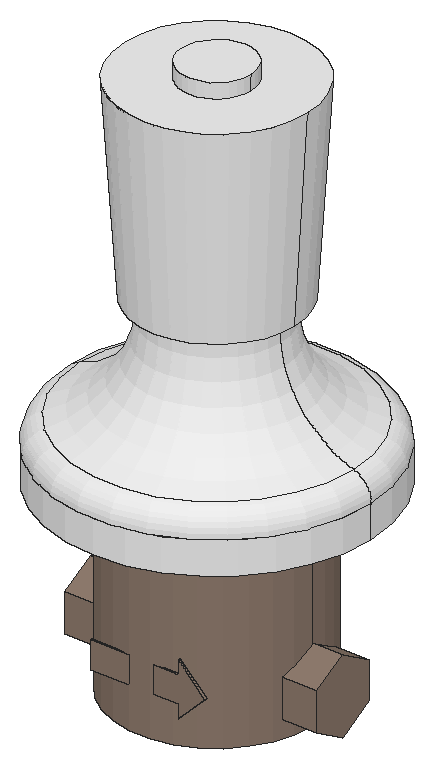
Revit family "Deca_Acabamento para Registro de Pressão Prata_4900.C50.PQ", category Plumbing Fixtures, host Face, Revit 2012
Parameters (values of type "4900.C50.GD_Cromado CR10_1"")
  WFU = 0
  Vendido Separadamente = ""
  Variações de COR = "Cromado 1/2, 3/4 e 1 (4900.C50.PQ).Base Fácil PVC 20mm (4416.102.PVC); Base Fácil PVC 25mm (4416.202.PVC); Base Fácil PPR 20mm (4416.102.PPR); Base Fácil PPR 25mm (4416.202.PPR); Base Fácil CPVC 15mm (4416.102.CPVC); Base Fácil CPVC 22mm (4416.202.CPVC); Base Fácil CPVC 28mm (4416.302.CPVC)."  # constant formula
  URL = "www.deca.com.br/produtos"
  Symbol [instance] = yes
  Segmento = "Competitivo"  # constant formula
  Raio Ponto de Agua = 12.5 mm
  Produto = "Acabamento para Registro de Pressão Prata"  # constant formula
  Pressão = "2 A 40 mca"  # constant formula
  Peso Liquido (Kg) = 0.2  # constant formula
  Norma = "ABNT NBR 10283: 2003"  # constant formula
  Model = Código  # "4900.C50.PQ"
  Material = "Deca_Latão Cromado e Plástico de Engenharia"  # constant formula
  Manufacturer = "Deca"  # constant formula
  Louça/Metais = "Metal"  # constant formula
  Linha = "Prata"  # constant formula
  Informações Complementares = " Mecanismo: 3 1/2 voltas"  # constant formula
  HWFU = 0
  Flow Pressure = 0.00 psi
  Diâmetro Ponto de Agua = Raio Ponto de Agua * 2  # 25 mm
  Description = "Acabamento para Registro"  # constant formula
  Default Elevation = 0 mm
  Código = "4900.C50.PQ"
  Criado por = "Contino/quattroD"  # constant formula
  Consumo = "Varia com a pressão"  # constant formula
  CWFU = 0
  Base de Registro [instance] = yes
  Base Registro de Gaveta [instance] = yes
  Atendimento ao Cliente = "0800-0117073"  # constant formula
  Assembly Code = "D2020"
  Aprovado por = "Contino/quattroD"  # constant formula
  Acompanha o Produto = "Mecanismo: 3 1/2 voltas"  # constant formula
  Acabamento de Registro [instance] = yes
  Acabamento = Deca CR10 Cromado Metal
Types (10, lengths in mm): name | Symbol | Raio Ponto de Agua | Model | Diâmetro Ponto de Agua | Código
  4900.C50.GD_Cromado CR10_3/4"" | no | 10 | "4416.202.PVC" | 20 | "4416.202.PVC"
  4900.C50.GD_Cromado CR10_1/2"" | yes | 7.5 | "4900.C50.PQ" | 15 | "4900.C50.PQ"
  4900.C50.GD_Cromado CR10_1" | yes | 12.5 | "4900.C50.PQ" | 25 | "4900.C50.PQ"
  Base Fácil PVC 20mm (4416.102.PVC) | yes | 10 | "4416.102.PVC" | 20 | "4416.102.PVC"
  Base Fácil PVC 25mm (4416.202.PVC) | no | 12.5 | "4416.202.PVC" | 25 | "4416.202.PVC"
  Base Fácil PPR 20mm (4416.102.PPR) | yes | 10 | "4416.102.PPR" | 20 | "4416.102.PPR"
  Base Fácil PPR 25mm (4416.202.PPR) | yes | 12.5 | "4416.202.PPR" | 25 | "4416.202.PPR"
  Base Fácil CPVC 15mm (4416.102.CPVC) | yes | 7.5 | "4416.102.CPVC" | 15 | "4416.102.CPVC"
  Base Fácil CPVC 22mm (4416.202.CPVC) | yes | 11 | "4416.202.CPVC" | 22 | "4416.202.CPVC"
  Base Fácil CPVC 28mm (4416.302.CPVC) | yes | 14 | "4416.302.CPVC" | 28 | "4416.302.CPVC"
Reference planes
  plane 1 "Center (Front/Back)": y = 0
  plane 2: z = 0
  plane 3 "Center (Left/Right)": x = 0
  plane 4 "Top 1": z = 87.715
  plane 5 "Left 1": x = -36
  plane 6 "Right 1": x = 36
  plane 7 "Back 1": y = 36.047
  plane 8 "Front 1": y = -36
Forms (mm)
  Blend 1, solid, material "Deca CR10 Cromado Metal" <- "Acabamento", visible <- "Acabamento de Registro"
    base sketch origin (0, 0, 0) x (1, 0, 0) y (0, 1, 0)
      loop
        circle (0, 0) r 18.283
    top sketch origin (0, 0, 0) x (1, 0, 0) y (0, 1, 0)
      loop
        circle (0, 0) r 21.323
    from 38.606 to 84.289
  Extrusion 2, solid, material "Deca CR10 Cromado Metal" <- "Acabamento", visible <- "Acabamento de Registro"
    sketch origin (0, 0, 0) x (1, 0, 0) y (0, 1, 0)
      loop
        circle (0, 0) r 8.05
    from 84.289 to 87.715
  Revolve 3, solid, material "Deca CR10 Cromado Metal" <- "Acabamento", visible <- "Acabamento de Registro"
    sketch origin (100, 0, 0) x (1, 0, 0) y (0, 0, 1)
      loop
        line (-136, 7.563) -> (-136, 0) -> (-100, 0) -> (-100, 38.606) -> (-115, 38.606)
        arc (-115, 38.606) -> (-119.021, 22.944) -> (-132.036, 13.349) r 24.099
        arc (-132.036, 13.349) -> (-135.036, 11.154) -> (-136, 7.563) r 5.598
      axis (-100, 38.606) -> (-100, 0)
    angle from 0 to 360
Lines and regions (mm)
  Masking region 1, visible <- "Acabamento de Registro"
    outline origin (-207.296, 0, -79.723) x (1, 0, 0) y (0, 0, 1)
      loop
        line (171.375, 79.723) -> (243.375, 79.723) -> (243.375, 87.713)
      loop
        arc (171.279, 87.713) -> (172.383, 91.051) -> (175.26, 93.072) r 5.598
        arc (175.26, 93.072) -> (188.275, 102.667) -> (192.296, 118.329) r 24.099
        line (192.296, 118.329) -> (189.005, 118.329)
        arc (189.005, 118.329) -> (188.603, 118.496) -> (188.436, 118.898) r 0.569
        line (188.436, 118.898) -> (185.954, 160.351)
        arc (185.954, 160.351) -> (186.3, 161.595) -> (187.335, 162.365) r 1.988
        line (187.335, 162.365) -> (199.246, 164.038) -> (202.713, 166.04) -> (202.713, 167.374)
        arc (202.713, 167.374) -> (207.344, 167.438) -> (211.975, 167.371) r 164.213
        line (211.975, 167.371) -> (211.975, 166.033) -> (215.346, 164.038) -> (227.256, 162.365)
        arc (227.256, 162.365) -> (228.292, 161.595) -> (228.637, 160.351) r 1.988
        line (228.637, 160.351) -> (226.155, 118.898)
        arc (226.155, 118.898) -> (225.989, 118.496) -> (225.586, 118.329) r 0.569
        line (225.586, 118.329) -> (222.296, 118.329)
        arc (222.296, 118.329) -> (226.316, 102.667) -> (239.332, 93.072) r 24.099
        arc (239.332, 93.072) -> (242.208, 91.051) -> (243.312, 87.713) r 5.598
      loop
        line (171.217, 87.713) -> (171.217, 79.723)
  Masking region 2, visible <- "Acabamento de Registro"
    outline origin (-324.154, 0, 0) x (1, 0, 0) y (0, 1, 0)
      loop
        circle (324.154, 0) r 35.997
  Masking region 3, visible <- "Acabamento de Registro"
    outline origin (0, 189.101, 0) x (0, 1, 0) y (0, 0, 1)
      loop
        line (-225.101, 0) -> (-153.101, 0) -> (-153.101, 7.99)
      loop
        arc (-225.196, 7.99) -> (-224.093, 11.328) -> (-221.216, 13.349) r 5.598
        arc (-221.216, 13.349) -> (-208.201, 22.944) -> (-204.18, 38.606) r 24.099
        line (-204.18, 38.606) -> (-207.411, 38.606)
        arc (-207.411, 38.606) -> (-207.834, 38.713) -> (-208.035, 39.1) r 0.534
        line (-208.035, 39.1) -> (-210.521, 80.628)
        arc (-210.521, 80.628) -> (-210.176, 81.872) -> (-209.14, 82.642) r 1.988
        line (-209.14, 82.642) -> (-197.23, 84.315) -> (-193.813, 86.269) -> (-193.813, 87.649)
        arc (-193.813, 87.649) -> (-189.189, 87.715) -> (-184.565, 87.65) r 164.213
        line (-184.565, 87.65) -> (-184.565, 86.269) -> (-181.148, 84.315) -> (-169.621, 82.695)
        arc (-169.621, 82.695) -> (-168.397, 82.011) -> (-167.909, 80.702) r 1.991
        line (-167.909, 80.702) -> (-170.4, 39.104)
        arc (-170.4, 39.104) -> (-170.559, 38.756) -> (-170.911, 38.606) r 0.53
        line (-170.911, 38.606) -> (-174.18, 38.606)
        arc (-174.18, 38.606) -> (-170.16, 22.944) -> (-157.144, 13.349) r 24.099
        arc (-157.144, 13.349) -> (-154.268, 11.328) -> (-153.164, 7.99) r 5.598
      loop
        line (-225.259, 7.99) -> (-225.259, 0)
  symbolic lines, visible <- "Acabamento de Registro"
    curve 1: arc (-19.59, 0, 82.611) -> (-17.148, 0, 82.851) -> (-14.696, 0, 82.771) r 18.872
    curve 2: arc (-13.335, 0, 80.593) -> (-14.225, 0, 65.193) -> (-16.025, 0, 49.872) r 260.316
    curve 3: arc (-16.025, 0, 49.872) -> (-16.781, 0, 49.116) -> (-17.537, 0, 49.872) r 0.756
    curve 4: arc (-17.537, 0, 49.872) -> (-19.585, 0, 65.221) -> (-21.012, 0, 80.64) r 383.634
    curve 5: arc (-21.012, 0, 80.64) -> (-20.659, 0, 81.884) -> (-19.59, 0, 82.611) r 1.893
    curve 6: arc (-7.69, 0, 80.593) -> (-7.32, 0, 82.032) -> (-5.983, 0, 82.681) r 1.769
    curve 7: arc (-5.983, 0, 82.681) -> (0.065, 0, 82.872) -> (6.114, 0, 82.681) r 96.06
    curve 8: arc (6.114, 0, 82.681) -> (7.375, 0, 82.016) -> (7.715, 0, 80.632) r 1.739
    curve 9: arc (7.715, 0, 80.632) -> (5.497, 0, 64.932) -> (1.759, 0, 49.523) r 162.395
    curve 10: arc (1.759, 0, 49.523) -> (-0.051, 0, 48.891) -> (-1.833, 0, 49.599) r 2.745
    curve 11: arc (-1.833, 0, 49.599) -> (-5.318, 0, 64.991) -> (-7.69, 0, 80.593) r 220.077
    curve 12: arc (13.463, 0, 81.615) -> (14.069, 0, 67.384) -> (15.51, 0, 53.214) r 242.497
    curve 13: arc (15.51, 0, 53.214) -> (15.837, 0, 51.202) -> (16.287, 0, 49.214) r 33.262
    curve 14: arc (16.287, 0, 49.214) -> (16.775, 0, 48.837) -> (17.262, 0, 49.214) r 0.503
    curve 15: arc (17.262, 0, 49.214) -> (18.792, 0, 56.565) -> (19.608, 0, 64.029) r 78.079
    curve 16: arc (19.608, 0, 64.029) -> (20.349, 0, 72.336) -> (21.062, 0, 80.646) r 2536.021
    curve 17: arc (21.062, 0, 80.646) -> (20.611, 0, 82.026) -> (19.307, 0, 82.664) r 1.865
    curve 18: arc (19.307, 0, 82.664) -> (16.897, 0, 82.743) -> (14.485, 0, 82.712) r 52.643
    curve 19: line (6.114, 0, 82.681) -> (14.485, 0, 82.712)
    curve 20: line (7.715, 0, 80.632) -> (13.478, 0, 80.632)
    curve 21: line (-14.696, 0, 82.771) -> (-6.367, 0, 82.632)
    curve 22: line (-7.69, 0, 80.593) -> (-13.335, 0, 80.593)
    curve 23: line (-8.05, 0, 84.32) -> (8.05, 0, 84.32)
    curve 25: line (-32.477, 0, 13.221) -> (32.477, 0, 13.221)
    curve 26: line (-36, 0, 7.563) -> (36, 0, 7.563)
    curve 27: arc (13.463, 0, 81.615) -> (13.758, 0, 82.364) -> (14.485, 0, 82.712) r 1.1
    curve 28: arc (-13.335, 0, 80.593) -> (-13.686, 0, 81.888) -> (-14.696, 0, 82.771) r 2.32
    curve 29: arc (3.195, 21.082, 0) -> (9.639, 16.695, 0) -> (16.661, 13.307, 0) r 52.655
    curve 30: arc (16.661, 13.307, 0) -> (18.468, 10.658, 0) -> (19.907, 7.793, 0) r 24.102
    curve 31: arc (19.907, 7.793, 0) -> (19.248, 0.06, 0) -> (19.907, -7.672, 0) r 45.644
    curve 32: arc (19.907, -7.672, 0) -> (18.361, -10.824, 0) -> (16.404, -13.739, 0) r 25.991
    curve 33: arc (16.404, -13.739, 0) -> (9.431, -16.785, 0) -> (3.153, -21.084, 0) r 40.405
    curve 34: arc (3.153, -21.084, 0) -> (0.003, -21.323, 0) -> (-3.148, -21.092, 0) r 21.253
    curve 35: arc (16.661, 13.307, 0) -> (9.14, 15.831, 0) -> (3.195, 21.082, 0) r 19.976
    curve 36: arc (19.907, 7.793, 0) -> (18.314, 0.06, 0) -> (19.907, -7.672, 0) r 19.558
    curve 37: arc (16.404, -13.739, 0) -> (8.988, -15.985, 0) -> (3.153, -21.084, 0) r 18.409
    curve 38: arc (19.172, -5.669, 0) -> (17.206, -10.09, 0) -> (14.383, -14.019, 0) r 23.665
    curve 39: arc (19.152, 5.725, 0) -> (17.304, 10.067, 0) -> (14.338, 13.737, 0) r 17.078
    curve 40: arc (-3.195, 21.082, 0) -> (-9.639, 16.695, 0) -> (-16.661, 13.307, 0) r 52.655
    curve 41: arc (-16.661, 13.307, 0) -> (-18.468, 10.658, 0) -> (-19.907, 7.793, 0) r 24.102
    curve 42: arc (-19.907, 7.793, 0) -> (-19.248, 0.06, 0) -> (-19.907, -7.672, 0) r 45.644
    curve 43: arc (-19.907, -7.672, 0) -> (-18.361, -10.824, 0) -> (-16.404, -13.739, 0) r 25.991
    curve 44: arc (-16.404, -13.739, 0) -> (-9.428, -16.787, 0) -> (-3.148, -21.089, 0) r 40.405
    curve 45: arc (-16.661, 13.307, 0) -> (-9.14, 15.831, 0) -> (-3.195, 21.082, 0) r 19.976
    curve 46: arc (-19.907, 7.793, 0) -> (-18.314, 0.06, 0) -> (-19.907, -7.672, 0) r 19.558
    curve 47: arc (-16.404, -13.739, 0) -> (-8.984, -15.988, 0) -> (-3.148, -21.092, 0) r 18.409
    curve 48: arc (-19.172, -5.669, 0) -> (-17.206, -10.09, 0) -> (-14.383, -14.019, 0) r 23.665
    curve 49: arc (-19.152, 5.725, 0) -> (-17.304, 10.067, 0) -> (-14.338, 13.737, 0) r 17.078
    curve 50: arc (-3.195, 21.082, 0) -> (0, 21.323, 0) -> (3.195, 21.082, 0) r 21.313
    curve 51: arc (4.648, 19.37, 0) -> (0, 19.947, 0) -> (-4.648, 19.37, 0) r 19.003
    curve 52: arc (-3.148, -21.089, 0) -> (0.024, -21.323, 0) -> (3.195, -21.082, 0) r 21.313
    curve 53: arc (4.588, -19.385, 0) -> (0, -19.947, 0) -> (-4.588, -19.385, 0) r 19.003
    curve 54: circle (0, 0, 0) r 8.05 normal (0, 0, 1)
    curve 55: circle (0.003, 0, 0) r 32.387 normal (0, 0, 1)
    curve 56: line (0, 36, 7.563) -> (0, -36, 7.563)
    curve 57: arc (0, -20.908, 80.703) -> (0, -20.545, 81.624) -> (0, -19.7, 82.142) r 1.56
    curve 58: arc (0, -19.7, 82.142) -> (0, -16.811, 82.47) -> (0, -13.922, 82.142) r 12.874
    curve 59: arc (0, -13.922, 82.142) -> (0, -13.545, 81.494) -> (0, -13.547, 80.745) r 1.431
    curve 60: arc (0, -13.547, 80.745) -> (0, -14.222, 67.105) -> (0, -15.452, 53.504) r 334.784
    curve 61: arc (0, -15.452, 53.504) -> (0, -15.821, 51.22) -> (0, -16.413, 48.984) r 23.419
    curve 62: arc (0, -16.413, 48.984) -> (0, -16.824, 48.683) -> (0, -17.236, 48.984) r 0.432
    curve 63: arc (0, -17.236, 48.984) -> (0, -18.1, 52.328) -> (0, -18.589, 55.747) r 31.187
    curve 64: arc (0, -18.589, 55.747) -> (0, -20.031, 68.198) -> (0, -20.908, 80.703) r 277.029
    curve 65: arc (0, -7.391, 80.554) -> (0, -7.033, 81.657) -> (0, -5.974, 82.128) r 1.426
    curve 66: arc (0, -5.974, 82.128) -> (0, -0.081, 82.352) -> (0, 5.811, 82.123) r 76.509
    curve 67: arc (0, 5.811, 82.123) -> (0, 6.899, 81.754) -> (0, 7.361, 80.702) r 1.426
    curve 68: arc (0, 13.468, 80.702) -> (0, 13.48, 81.529) -> (0, 13.98, 82.188) r 1.325
    curve 69: arc (0, 13.98, 82.188) -> (0, 16.895, 82.443) -> (0, 19.811, 82.188) r 16.83
    curve 70: arc (0, 19.811, 82.188) -> (0, 20.632, 81.659) -> (0, 20.827, 80.702) r 1.258
    curve 71: arc (0, 20.827, 80.702) -> (0, 19.896, 67.525) -> (0, 18.524, 54.387) r 394.442
    curve 72: arc (0, 18.524, 54.387) -> (0, 18.07, 51.923) -> (0, 17.315, 49.535) r 20.28
    curve 73: arc (0, 17.315, 49.535) -> (0, 16.693, 49.109) -> (0, 16.071, 49.535) r 0.666
    curve 74: arc (0, 16.071, 49.535) -> (0, 15.583, 51.235) -> (0, 15.399, 52.995) r 10.067
    curve 75: arc (0, 15.399, 52.995) -> (0, 14.231, 66.834) -> (0, 13.468, 80.702) r 474.736
    curve 76: line (0, -4.712, 86.269) -> (0, 4.536, 86.269)
    curve 77: line (0, -13.922, 82.142) -> (0, -5.964, 82.142)
    curve 78: line (0, -7.399, 80.547) -> (0, -13.553, 80.547)
    curve 79: line (0, 5.811, 82.123) -> (0, 13.942, 82.123)
    curve 80: line (0, 13.468, 80.702) -> (0, 7.361, 80.702)
    curve 81: arc (0, -7.399, 80.547) -> (0, -6.021, 70.039) -> (0, -4.292, 59.582) r 315.961
    curve 82: arc (0, -4.292, 59.582) -> (0, -3.04, 54.438) -> (0, -1.201, 49.474) r 45.658
    curve 83: arc (0, -1.201, 49.474) -> (0, -0.001, 48.689) -> (0, 1.2, 49.474) r 1.311
    curve 84: arc (0, 1.2, 49.474) -> (0, 3.308, 55.395) -> (0, 4.563, 61.553) r 44.549
    curve 85: arc (0, 4.563, 61.553) -> (0, 5.899, 71.139) -> (0, 7.393, 80.702) r 589.247
    curve 86: line (0, -15.079, 38.606) -> (0, 14.921, 38.606)
    curve 87: line (0, -36.095, 7.99) -> (0, 35.937, 7.99)
    curve 88: line (0, -32.115, 13.349) -> (0, 31.957, 13.349)
    curve 89: line (0, -8.129, 84.315) -> (0, 7.953, 84.315)
    curve 90: line (-4.583, 0, 86.317) -> (4.699, 0, 86.317)
  symbolic lines
    curve 24: line (-15, 0, 38.606) -> (15, 0, 38.606)
Dimensions and locks
  plane 5 "Left 1" to plane 6 "Right 1" = 72 mm  (x2)
  plane 4 "Top 1" to host face = 87.715 mm
  host face to plane 4 "Top 1" = 87.715 mm
  plane 8 "Front 1" to plane 7 "Back 1" = 72.047 mm  (x2)
  aligned and locked: host face to plane 2
  aligned and locked: level to host face
Nested families
  nested 1: "Deca_Base de Registro de Pressão_4900.C50.PQ" at (-0.3, 0, -35), visible <- "Base de Registro", type "4416.102 - DN 15 (1/2")"
    with Raio Ponto de Agua 7.5 mm, Diâmetro Ponto de Agua 15 mm
Connectors
  piping at (29.5, 0, -35), driven by "Raio Ponto de Agua", driven by "Flow Pressure"
    settings: on nested 1, index 1, connector radius 0.49213", flow factor 0, pipe flow 0 GPM, pressure drop 0.00 psi, fitting loss kfactor 0, connector angle 0.00°, fixture units 0, engagement length 0 mm, flow configuration 3, flow direction 2, fitting loss method 4, system type 29, joint type 0, gender type 0, connector reference index -1, connector utility 0, adjustable connector no, is connector primary yes, fitting loss table "", connector description ""
  piping at (-29.5, 0, -35), driven by "Raio Ponto de Agua", driven by "Flow Pressure"
    settings: on nested 1, index 2, connector radius 0.49213", flow factor 0, pipe flow 0 GPM, pressure drop 0.00 psi, fitting loss kfactor 0, connector angle 0.00°, fixture units 0, engagement length 0 mm, flow configuration 3, flow direction 1, fitting loss method 4, system type 29, joint type 0, gender type 0, connector reference index -1, connector utility 0, adjustable connector no, is connector primary no, fitting loss table "", connector description ""
Definition of nested family "Deca_Base de Registro de Pressão_4900.C50.PQ"
  Parameters (values of type "4416.202 - DN 20 (3/4")")
    Vendido Separadamente = "Não Aplicável"  # constant formula
    Variações de COR = "1/2'' e 3/4''"  # constant formula
    Topo = Deca BR13 Bronze Bruto Metal
    Segmento = "Básicos"  # constant formula
    Raio Ponto de Agua = 9.5 mm
    Radius Side = DN / 2  # 10 mm
    Produto = "Base de registro de pressão 3/4\""
    Pressão = "2 a 40 mca"  # constant formula
    Peso Liquido (Kg) = 0.332
    Norma = "NBR 15704-1"  # constant formula
    Mín = 30 mm
    Max = 40 mm
    Material = "Bronze Fundido e Plásticos de Engenharia"  # constant formula
    Louça/Metais = "Metais"  # constant formula
    Linha = "-"  # constant formula
    K Coefficient = 0
    Informações Complementares = "Gabarito para embutimento e proteção; Range de embutimento de 10 mm, Possibilidade de troca de mecanismo de MVS para MVR (meia volta); Sentido do fluxo indicado por seta indicativa no corpo;"  # constant formula
    Flow Pressure = 0.00 psi
    Fabricante = "Deca"  # constant formula
    Diâmetro Ponto de Agua = Raio Ponto de Agua * 2  # 19 mm
    Descrição = "Base de registro de pressão"  # constant formula
    DN = 20 mm
    Código = "4416.202"
    Criador por = "Contino/quattroD"  # constant formula
    Corpo = Deca BR13 Bronze Bruto Metal
    URL = "www.deca.com.br"
    Model = Código  # "4416.202"
    Manufacturer = Fabricante  # "Deca"
    Description = Descrição  # "Base de registro de pressão"
    B = 94 mm
    Atendimento ao Cliente = "0800-0117073"  # constant formula
    Assembly Code = ""
    Aprovado por = "Contino/quattroD"  # constant formula
    Acompanha o Produto = "Não Aplicável"  # constant formula
    A = 58 mm
  Types (2, lengths in mm): name | Raio Ponto de Agua | Radius Side | Produto | Peso Liquido (Kg) | Mín | Max | Diâmetro Ponto de Agua | DN | Código | Model | B | A
    4416.102 - DN 15 (1/2") | 6.4 | 7.5 | "Base de registro de pressão 1/2\"" | 0.31 | 35 | 45 | 12.8 | 15 | "4416.102" | "4416.102" | 99 | 59
    4416.202 - DN 20 (3/4") | 9.5 | 10 | "Base de registro de pressão 3/4\"" | 0.332 | 30 | 40 | 19 | 20 | "4416.202" | "4416.202" | 94 | 58
  Reference planes
    plane 1 "Center (Front/Back)": y = 0
    plane 2: z = 0
    plane 3 "Center (Left/Right)": x = 0.3
    plane 4 "Left 2": x = -28.7
    plane 5: through (11.528, 0, 0) normal (0, 0.5, -0.866)
    plane 6: through (11.528, 28.818, 28.185) normal (0, -0.5, 0.866)
    plane 7: through (11.528, 0, 0) normal (0, 0.5, 0.866)
    plane 8: through (11.528, 15.115, 2.82) normal (0, 0.5, 0.866)
    plane 9: through (11.528, 0, 0) normal (0, -0.5, -0.866)
    plane 10: through (11.528, 28.818, -28.185) normal (0, 0.5, 0.866)
    plane 11: through (11.528, 0, 0) normal (0, -0.5, 0.866)
    plane 12: through (11.528, 15.115, -2.82) normal (0, -0.5, 0.866)
    plane 13 "Right 2": x = 29.3
    plane 14 "Top 1": z = 30
    plane 15 "Right 1": x = 22.3
    plane 16 "Left 1": x = -21.7
    plane 17 "Top 2": z = 94
  Forms (mm)
    Extrusion 1, solid, material "Deca BR13 Bronze Bruto Metal" <- "Corpo"
      sketch origin (0, 134.427, 73.647) x (0, 1, 0) y (0, 0, 1)
        loop
          line (-124.427, -67.874) -> (-134.427, -62.1) -> (-144.427, -67.874) -> (-144.427, -79.421) -> (-134.427, -85.194) -> (-124.427, -79.421) -> (-124.427, -67.874)
      from -28.7 to 29.3
    Extrusion 2, solid, material "Deca BR13 Bronze Bruto Metal" <- "Corpo"
      sketch origin (0, 0, 0) x (1, 0, 0) y (0, 1, 0)
        loop
          circle (0.3, 0) r 22
      from -11.547 to 30
    Extrusion 3, solid, material "Deca BR13 Bronze Bruto Metal" <- "Topo"
      sketch origin (0, 0, 0) x (1, 0, 0) y (0, 1, 0)
        loop
          circle (0.3, 0) r 5
      from 30 to 94
    Extrusion 4, solid, material "Deca BR13 Bronze Bruto Metal" <- "Corpo"
      sketch origin (0, 0, 0) x (1, 0, 0) y (0, 0, 1)
        loop
          line (-10.882, 7.052) -> (-10.882, 0.923) -> (9.118, 0.923) -> (9.118, -2.241) -> (15.346, 3.987) -> (9.118, 10.216) -> (9.118, 7.052) -> (-10.882, 7.052)
      from 21.847 to 22.271
  Dimensions and locks
    "Radius Side": plane 6 to plane 5
    "Radius Side": plane 8 to plane 7
    "Radius Side": plane 10 to plane 9
    "Radius Side": plane 12 to plane 11
    "A": plane 4 "Left 2" to plane 13 "Right 2"
    equal spacing: plane 13 "Right 2", plane 3 "Center (Left/Right)", plane 4 "Left 2"
    "Mín": plane 14 "Top 1" to level
    locked: plane 13 "Right 2" to plane 15 "Right 1" at 7
    equal spacing: plane 16 "Left 1", plane 3 "Center (Left/Right)", plane 15 "Right 1"
    plane 4 "Left 2" to plane 13 "Right 2" = 58 mm
    "B": plane 17 "Top 2" to level
    aligned and locked: plane 4 "Left 2" to Extrusion 1
    aligned and locked: plane 13 "Right 2" to Extrusion 1
    aligned and locked: Extrusion 1 to Extrusion 2
    aligned and locked: plane 15 "Right 1" to Extrusion 2 sketch curve
    aligned and locked: plane 14 "Top 1" to Extrusion 2
    aligned and locked: Extrusion 3 to plane 14 "Top 1"
    aligned and locked: plane 17 "Top 2" to Extrusion 3
  Automatic sketch dimensions
    Extrusion 1 sketch curve to plane 5 = 0 mm
    plane 10 to Extrusion 1 sketch curve = 0 mm  (x2)
    Extrusion 1 sketch curve to plane 1 "Center (Front/Back)" = 0 mm  (x2)
    plane 7 to Extrusion 1 sketch curve = 0 mm
    plane 12 to Extrusion 1 sketch curve = 0 mm
    plane 5 to Extrusion 1 sketch curve = 0 mm
    Extrusion 1 sketch curve to plane 6 = 0 mm  (x2)
    plane 1 "Center (Front/Back)" to Extrusion 2 sketch curve = 0 mm
    Extrusion 2 sketch curve to plane 3 "Center (Left/Right)" = 0 mm
    plane 1 "Center (Front/Back)" to Extrusion 3 sketch curve = 0 mm
    Extrusion 3 sketch curve to plane 3 "Center (Left/Right)" = 0 mm
    Extrusion 4 sketch curve to plane 16 "Left 1" = 10.818 mm
    plane 3 "Center (Left/Right)" to Extrusion 4 sketch curve = 8.818 mm
    level to Extrusion 4 sketch curve = 0.923 mm
    Extrusion 4 sketch curve to Extrusion 4 sketch curve = 0 mm
    level to Extrusion 4 sketch curve = 3.987 mm
    Extrusion 4 sketch curve to Extrusion 4 sketch curve = 6.228 mm
    Extrusion 4 sketch curve to level = 2.241 mm
    Extrusion 4 sketch curve to Extrusion 4 sketch curve = 3.163 mm
    radius of Extrusion 3 sketch curve = 5 mm
  Nested families
    nested 1: "Symbol" at (0.3, 0, 0), type "Symbol"
  Connectors
    piping at (29.3, 0, 0), driven by "Flow Pressure", driven by "Raio Ponto de Agua"
      settings: on Extrusion 1, index 3, connector radius 0.37402", flow factor 0, pipe flow 0 GPM, pressure drop 0.00 psi, fitting loss kfactor 0, connector angle 0.00°, fixture units 0, engagement length 0 mm, flow configuration 3, flow direction 2, fitting loss method 4, system type 29, joint type 0, gender type 0, connector reference index -1, connector utility 0, adjustable connector no, is connector primary yes, fitting loss table "", connector description ""
    piping at (-28.7, 0, 0), driven by "Raio Ponto de Agua", driven by "Flow Pressure"
      settings: on Extrusion 1, index 4, connector radius 0.37402", flow factor 0, pipe flow 0 GPM, pressure drop 0.00 psi, fitting loss kfactor 0, connector angle 0.00°, fixture units 0, engagement length 0 mm, flow configuration 3, flow direction 1, fitting loss method 4, system type 29, joint type 0, gender type 0, connector reference index -1, connector utility 0, adjustable connector no, is connector primary no, fitting loss table "", connector description ""
  Definition of nested family "Symbol"
    Reference planes
      plane 1: y = 0
      plane 2: x = 0
    Lines and regions (mm)
      detail lines, style "Centerline"
        curve 1: line (0, 1.651, 0) -> (0, -3.349, 0)
        curve 2: line (0, -3.349, 0) -> (-2.5, -3.349, 0)
        curve 3: circle (0, 0, 0) r 1.651 normal (0, 0, 1)
      detail lines
        curve 4: line (2.5, 1.651, 0) -> (2.5, -1.651, 0)
        curve 5: line (-2.5, 1.651, 0) -> (-2.5, -1.651, 0)
